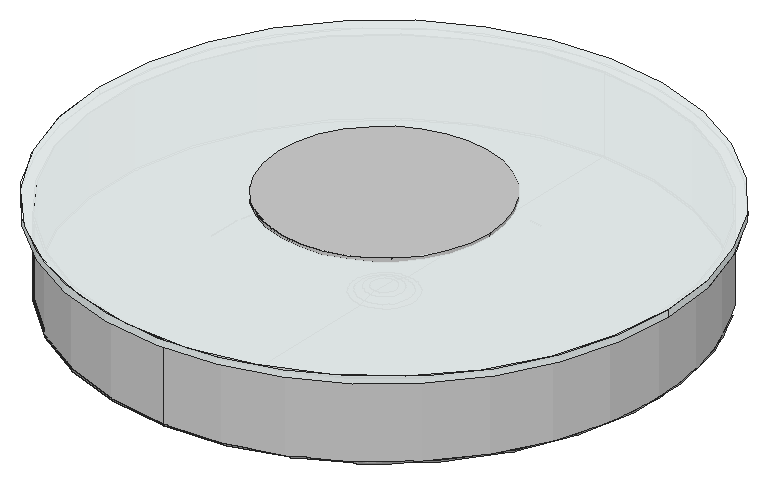
Revit family "2-6164-124 Dione", category Lighting Fixtures, Revit 2014
Parameters
  Wattage = 3.84403 W
  built-in parameter 1150110 = 1 (stored number, unit not read)
  URL = "http://www.oxygenlighting.com"
  Type Comments = "Lighting- Fluorescent"
  built-in parameter 1114217 = 1 (stored number, unit not read)
  Tilt Angle = -90.00°
  built-in parameter 1150109 = 1 (stored number, unit not read)
  built-in parameter 1150134 = 9
  built-in parameter 1150113 = 1 (stored number, unit not read)
  Product Documentation Link = "http://oxygenlighting.com.s3.amazonaws.com/downloads/cutsheets/2-6164-124.pdf"
  Photometric Web File = "2-6164-124 Dione 15 ITL77200.IES"
  Model = "2-6164-124"
  Metal Finish = 24 - Satin Nickel
  Manufacturer = "Oxygen Lighting"
  built-in parameter 1150105 = 45.439 (stored number, unit not read)
  Lumens = 571 lm
  built-in parameter 1150115 = 1 (stored number, unit not read)
  built-in parameter 1150137 = (empty or 0)
  built-in parameter 1150139 = (empty or 0)
  built-in parameter 1150112 = 1 (stored number, unit not read)
  Lamp Manufacturer = "Sylvania FPC22/830"
  built-in parameter 1150114 = 1 (stored number, unit not read)
  Lamp = "1x22W T-5 Circular Fluorescent"
  Junction Box = "4\" Octagonal"
  Input Voltage (Volts AC) = "120"
  Power Factor = "0.99"
  Input Power (Watts) = "24.8"
  Input Current (Amps AC) = ""
  built-in parameter 1150132 = 2
  built-in parameter 1150102 = (empty or 0)
  built-in parameter 1150107 = 3450 (stored number, unit not read)
  built-in parameter 1150138 = (empty or 0)
  built-in parameter 1150106 = 0.45439 (stored number, unit not read)
  Fixture Height = 0' - 2.4925"
  Fixture Diameter = 1' - 2.87582"
  Emit from Circle Diameter = 2' - 0"
  Emit Shape Visible in Rendering = no
  Efficacy (lm/W) = ""
  built-in parameter 1150104 = 13.8 (stored number, unit not read)
  Dimming Lamp Color Temperature Shift = <None>
  Diffuser = 1 - Frosted Glass
  Description = "15\" dia. ceiling mount"
  Default Elevation = 4' - 0"
  Color Filter = 16777215
  Ballast Manufacturer = "Fulham RH3-UNV-226-C"
  built-in parameter 1114218 = 1 (stored number, unit not read)
  built-in parameter 1150133 = 10 (stored number, unit not read)
  Apparent Load = 24.8 VA
Reference planes (in)
  plane 1 "Light Source Axis (F/B)": y = 0
  plane 2: z = 0
  plane 3 "Light Source Axis (L/R)": x = 0
  plane 4 "Light Source Elevation": z = 2.4925
  plane 5: x = -7.1917
  plane 6: x = 7.1893
  plane 7: x = -7.4385
  plane 8: x = 7.43732
  plane 9: y = 7.4217
  plane 10: y = -7.4217
  plane 11: z = 2.4925
  plane 12: z = 2.4137
  plane 13: z = 2.3546
  plane 14: z = 2.1576
  plane 15: x = -2.7383
Forms (in)
  Revolve 1, solid, material "24 - Satin Nickel" <- "Metal Finish"
    sketch origin (0, 0, 0) x (0, 1, 0) y (0, 0, 1)
      loop
        line (7.1893, 0.20882) -> (7.1893, 2.1576) -> (7.15778, 2.1576) -> (7.15778, 0.20882)
        arc (7.15778, 0.20882) -> (7.15201, 0.19489) -> (7.13808, 0.18912) r 0.0197
        line (7.13808, 0.18912) -> (0.75975, 0.18912)
        arc (0.75975, 0.18912) -> (0.68945, 0.19544) -> (0.6214, 0.21421) r 0.394
        line (0.6214, 0.21421) -> (0.44, 0.28223)
        arc (0.44, 0.28223) -> (0.37195, 0.301) -> (0.30165, 0.30732) r 0.394
        line (0.30165, 0.30732) -> (0, 0.30732) -> (0, 0.2758) -> (0.30165, 0.2758)
        arc (0.30165, 0.2758) -> (0.32676, 0.275) -> (0.35176, 0.2726) r 0.394
        arc (0.35176, 0.2726) -> (0.39651, 0.26421) -> (0.44, 0.25071) r 0.394
        line (0.44, 0.25071) -> (0.6214, 0.18269)
        arc (0.6214, 0.18269) -> (0.68945, 0.16392) -> (0.75975, 0.1576) r 0.394
        line (0.75975, 0.1576) -> (7.13808, 0.1576)
        arc (7.13808, 0.1576) -> (7.1743, 0.1726) -> (7.1893, 0.20882) r 0.05122
      axis (0, 2.1576) -> (0, 0.1576)
    angle from 0 to 360
  Revolve 2, solid, material "24 - Satin Nickel" <- "Metal Finish"
    sketch origin (0, 0, 0) x (0, 1, 0) y (0, 0, 1)
      loop
        line (4.62007, 0.1576) -> (4.22607, 0.1576) -> (4.36873, 0.02174)
        arc (4.36873, 0.02174) -> (4.42307, 0) -> (4.47742, 0.02174) r 0.0788
        line (4.47742, 0.02174) -> (4.62007, 0.1576)
      axis (0, 0.1576) -> (0, 0.02174)
    angle from 0 to 360
  Revolve 3, solid, material "24 - Satin Nickel" <- "Metal Finish"
    sketch origin (0, 0, 0) x (0, 1, 0) y (0, 0, 1)
      loop
        line (0.31306, 1.47672) -> (0.31306, 1.55553) -> (0.23426, 1.57523) -> (0.18989, 1.57523) -> (0.18989, 2.1379) -> (0.26205, 2.1379) -> (0.2943, 2.16479) -> (0.2943, 2.3546) -> (0.3349, 2.3546)
        arc (0.3349, 2.3546) -> (0.36445, 2.38415) -> (0.3349, 2.4137) r 0.02955
        line (0.3349, 2.4137) -> (0, 2.4137) -> (0, 1.38191) -> (0.18989, 1.38191) -> (0.18989, 1.45702) -> (0.23426, 1.45702) -> (0.31306, 1.47672)
      axis (0, 2.4137) -> (0, 1.38191)
    angle from 0 to 360
  Extrusion 4, solid, material "1 - Frosted Glass" <- "Diffuser"
    sketch origin (0, 0, 0) x (1, 0, 0) y (0, 1, 0)
      loop
        circle (0, 0) r 7.43856
    from 2.1576 to 2.3546
  Extrusion 5, solid, material "24 - Satin Nickel" <- "Metal Finish"
    sketch origin (0, 0, 0) x (1, 0, 0) y (0, 1, 0)
      loop
        circle (0, 0) r 2.758
    from 2.4137 to 2.4925
  Revolve 6, solid, material "24 - Satin Nickel" <- "Metal Finish", not visible
    sketch origin (0, 0, 0) x (0, 1, 0) y (0, 0, 1)
      loop
        line (7.1893, 0.20882) -> (7.1893, 2.1576) -> (7.15778, 2.1576) -> (7.15778, 0.20882)
        arc (7.15778, 0.20882) -> (7.15201, 0.19489) -> (7.13808, 0.18912) r 0.0197
        line (7.13808, 0.18912) -> (0.75975, 0.18912)
        arc (0.75975, 0.18912) -> (0.68945, 0.19544) -> (0.6214, 0.21421) r 0.394
        line (0.6214, 0.21421) -> (0.44, 0.28223)
        arc (0.44, 0.28223) -> (0.37195, 0.301) -> (0.30165, 0.30732) r 0.394
        line (0.30165, 0.30732) -> (0, 0.30732) -> (0, 0.2758) -> (0.30165, 0.2758)
        arc (0.30165, 0.2758) -> (0.32676, 0.275) -> (0.35176, 0.2726) r 0.394
        arc (0.35176, 0.2726) -> (0.39651, 0.26421) -> (0.44, 0.25071) r 0.394
        line (0.44, 0.25071) -> (0.6214, 0.18269)
        arc (0.6214, 0.18269) -> (0.68945, 0.16392) -> (0.75975, 0.1576) r 0.394
        line (0.75975, 0.1576) -> (7.13808, 0.1576)
        arc (7.13808, 0.1576) -> (7.1743, 0.1726) -> (7.1893, 0.20882) r 0.05122
      axis (0, 2.1576) -> (0, 0.1576)
    angle from 0 to 360
  Revolve 7, solid, material "24 - Satin Nickel" <- "Metal Finish", not visible
    sketch origin (0, 0, 0) x (0, 1, 0) y (0, 0, 1)
      loop
        line (4.62007, 0.1576) -> (4.22607, 0.1576) -> (4.36873, 0.02174)
        arc (4.36873, 0.02174) -> (4.42307, 0) -> (4.47742, 0.02174) r 0.0788
        line (4.47742, 0.02174) -> (4.62007, 0.1576)
      axis (0, 0.1576) -> (0, 0.02174)
    angle from 0 to 360
  Revolve 8, solid, material "24 - Satin Nickel" <- "Metal Finish", not visible
    sketch origin (0, 0, 0) x (0, 1, 0) y (0, 0, 1)
      loop
        line (0.31306, 1.47672) -> (0.31306, 1.55553) -> (0.23426, 1.57523) -> (0.18989, 1.57523) -> (0.18989, 2.1379) -> (0.26205, 2.1379) -> (0.2943, 2.16479) -> (0.2943, 2.3546) -> (0.3349, 2.3546)
        arc (0.3349, 2.3546) -> (0.36445, 2.38415) -> (0.3349, 2.4137) r 0.02955
        line (0.3349, 2.4137) -> (0, 2.4137) -> (0, 1.38191) -> (0.18989, 1.38191) -> (0.18989, 1.45702) -> (0.23426, 1.45702) -> (0.31306, 1.47672)
      axis (0, 2.4137) -> (0, 1.38191)
    angle from 0 to 360
  Extrusion 9, solid, material "1 - Frosted Glass" <- "Diffuser", not visible
    sketch origin (0, 0, 0) x (1, 0, 0) y (0, 1, 0)
      loop
        circle (0, 0) r 7.43856
    from 2.1576 to 2.3546
  Extrusion 10, solid, material "24 - Satin Nickel" <- "Metal Finish", not visible
    sketch origin (0, 0, 0) x (1, 0, 0) y (0, 1, 0)
      loop
        circle (0, 0) r 2.758
    from 2.4137 to 2.4925
Dimensions and locks (in)
  "Fixture Diameter": plane 7 to plane 8
  plane 7 to plane 3 "Light Source Axis (L/R)" to plane 8 = 0' - 7.4385" locked, 0' - 7.43732" locked
  locked: plane 5 to plane 6 at 14.381
  locked: plane 9 to plane 10 at 14.84339
  equal spacing: plane 9, plane 1 "Light Source Axis (F/B)", plane 10, locked at 7.4217 each
  "Fixture Height": plane 11 to level
  aligned and locked: level to plane 2
Automatic sketch dimensions
  Revolve 1 sketch curve to Revolve 1 sketch curve = 0' - 0.03152"  (x4)
  Revolve 1 sketch curve to Revolve 1 sketch curve = 0' - 0.0197"
  Revolve 1 sketch curve to Revolve 1 sketch curve = 0' - 0"  (x12)
  Revolve 1 sketch curve to Revolve 1 sketch curve = 0' - 0.394"  (x2)
  Revolve 1 sketch curve to Revolve 1 sketch curve = 0' - 0.13834"  (x2)
  Revolve 1 sketch curve to Revolve 1 sketch curve = 0' - 0.18141"
  Revolve 1 sketch curve to Revolve 1 sketch curve = 0' - 0.06803"
  Revolve 1 sketch curve to Revolve 1 sketch curve = 0' - 0.08823"
  Revolve 2 sketch curve to Revolve 2 sketch curve = 0' - 0.14266"  (x2)
  Revolve 2 sketch curve to Revolve 2 sketch curve = 0' - 0.05434"  (x2)
  Revolve 3 sketch curve to Revolve 3 sketch curve = 0' - 0.0788"  (x2)
  Revolve 3 sketch curve to Revolve 3 sketch curve = 0' - 0.07881"
  Revolve 3 sketch curve to Revolve 3 sketch curve = 0' - 0.0197"  (x2)
  Revolve 3 sketch curve to Revolve 3 sketch curve = 0' - 0.04437"  (x2)
  Revolve 3 sketch curve to Revolve 3 sketch curve = 0' - 0.0751"
  Revolve 3 sketch curve to Revolve 3 sketch curve = 0' - 0.56267"
  Revolve 3 sketch curve to Revolve 3 sketch curve = 0' - 0.03225"
  Revolve 3 sketch curve to Revolve 3 sketch curve = 0' - 0.0406"
  Revolve 1 sketch curve to Revolve 1 sketch curve = 0' - 0.30165"
  Revolve 1 sketch curve to Revolve 1 sketch curve = 0' - 6.37833"
  Revolve 1 sketch curve to Revolve 1 sketch curve = 0' - 1.94878"
  Revolve 1 sketch curve to Revolve 1 sketch curve = 0' - 7.15778"
  Revolve 1 sketch curve to Revolve 1 sketch curve = 1' - 11.8818"
  Revolve 1 sketch curve to Revolve 1 sketch curve = 7' - 7.56909"
  Revolve 2 sketch curve to Revolve 2 sketch curve = 0' - 0.05706"
  Revolve 2 sketch curve to Revolve 2 sketch curve = 0' - 0.13586"
  Revolve 2 sketch curve to Revolve 2 sketch curve = 0' - 4.36873"
  Revolve 2 sketch curve to Revolve 2 sketch curve = 2' - 0.02174"
  Revolve 2 sketch curve to Revolve 2 sketch curve = 7' - 9.56909"
  Revolve 3 sketch curve to Revolve 3 sketch curve = 0' - 0.18989"
  Revolve 3 sketch curve to Revolve 3 sketch curve = 0' - 0.07216"
  Revolve 3 sketch curve to Revolve 3 sketch curve = 0' - 0.02689"
  Revolve 3 sketch curve to Revolve 3 sketch curve = 0' - 0.18981"
  Revolve 3 sketch curve to Revolve 3 sketch curve = 0' - 0.02955"
  Revolve 3 sketch curve to Revolve 3 sketch curve = 0' - 0"
  Revolve 3 sketch curve to Revolve 3 sketch curve = 2' - 1.38191"
  Revolve 3 sketch curve to Revolve 3 sketch curve = 7' - 7.31299"
  Revolve 6 sketch curve to Revolve 6 sketch curve = 0' - 0.03152"  (x4)
  Revolve 6 sketch curve to Revolve 6 sketch curve = 0' - 0.0197"
  Revolve 6 sketch curve to Revolve 6 sketch curve = 0' - 0"  (x12)
  Revolve 6 sketch curve to Revolve 6 sketch curve = 0' - 0.394"  (x2)
  Revolve 6 sketch curve to Revolve 6 sketch curve = 0' - 0.13834"  (x2)
  Revolve 6 sketch curve to Revolve 6 sketch curve = 0' - 0.18141"
  Revolve 6 sketch curve to Revolve 6 sketch curve = 0' - 0.06803"
  Revolve 6 sketch curve to Revolve 6 sketch curve = 0' - 0.08823"
  Revolve 7 sketch curve to Revolve 7 sketch curve = 0' - 0.14266"  (x2)
  Revolve 7 sketch curve to Revolve 7 sketch curve = 0' - 0.05434"  (x2)
  Revolve 8 sketch curve to Revolve 8 sketch curve = 0' - 0.0788"  (x2)
  Revolve 8 sketch curve to Revolve 8 sketch curve = 0' - 0.07881"
  Revolve 8 sketch curve to Revolve 8 sketch curve = 0' - 0.0197"  (x2)
  Revolve 8 sketch curve to Revolve 8 sketch curve = 0' - 0.04437"  (x2)
  Revolve 8 sketch curve to Revolve 8 sketch curve = 0' - 0.0751"
  Revolve 8 sketch curve to Revolve 8 sketch curve = 0' - 0.56267"
  Revolve 8 sketch curve to Revolve 8 sketch curve = 0' - 0.03225"
  Revolve 8 sketch curve to Revolve 8 sketch curve = 0' - 0.0406"
  Revolve 6 sketch curve to Revolve 6 sketch curve = 0' - 0.30165"
  Revolve 6 sketch curve to Revolve 6 sketch curve = 0' - 6.37833"
  Revolve 6 sketch curve to Revolve 6 sketch curve = 0' - 1.94878"
  Revolve 6 sketch curve to Revolve 6 sketch curve = 0' - 7.15778"
  Revolve 6 sketch curve to Revolve 6 sketch curve = 1' - 11.8818"
  Revolve 6 sketch curve to Revolve 6 sketch curve = 7' - 7.56909"
  Revolve 7 sketch curve to Revolve 7 sketch curve = 0' - 0.05706"
  Revolve 7 sketch curve to Revolve 7 sketch curve = 0' - 0.13586"
  Revolve 7 sketch curve to Revolve 7 sketch curve = 0' - 4.36873"
  Revolve 7 sketch curve to Revolve 7 sketch curve = 2' - 0.02174"
  Revolve 7 sketch curve to Revolve 7 sketch curve = 7' - 9.56909"
  Revolve 8 sketch curve to Revolve 8 sketch curve = 0' - 0.18989"
  Revolve 8 sketch curve to Revolve 8 sketch curve = 0' - 0.07216"
  Revolve 8 sketch curve to Revolve 8 sketch curve = 0' - 0.02689"
  Revolve 8 sketch curve to Revolve 8 sketch curve = 0' - 0.18981"
  Revolve 8 sketch curve to Revolve 8 sketch curve = 0' - 0.02955"
  Revolve 8 sketch curve to Revolve 8 sketch curve = 0' - 0"
  Revolve 8 sketch curve to Revolve 8 sketch curve = 2' - 1.38191"
  Revolve 8 sketch curve to Revolve 8 sketch curve = 7' - 7.31299"
  radius of Extrusion 4 sketch curve = 0' - 7.43856"
  radius of Extrusion 5 sketch curve = 0' - 2.758"
  radius of Extrusion 9 sketch curve = 0' - 7.43856"
  radius of Extrusion 10 sketch curve = 0' - 2.758"
